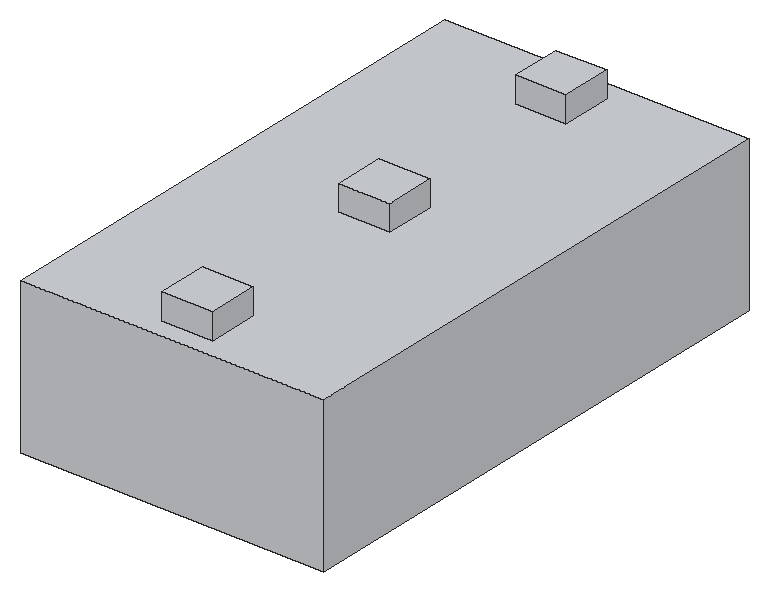
Revit family "M_Filtro de gordura - Circuito curto - Ilha", category Terminais de ar, Revit 2019
Family settings
  Cota do conector redondo = Utilizar diâmetro
  Tipo de parte = Normal
  Número OmniClass = 23.40.40.14.21.11
  Título OmniClass = Food Service Hoods
  ID de item do Seek = Grease Hood - Short Circuit - Island-0000-CAN-ENU
  Com base no plano de trabalho = Não
  Sempre na vertical = Sim
  Corte com vazios quando carregada = Não
  Compartilhado = Não
  Ponto de cálculo do ambiente = Não
Parameters (values of type "Padrão")
  Largura 2 [instance] = Largura do duto de ar de fornecimento 2 / 2 + 75 mm  # 175 mm
  Largura 1 [instance] = Largura do duto de ar de fornecimento 1 / 2 + 75 mm  # 175 mm
  Queda de pressão do fornecimento [instance] = 50.0 Pa
  Fluxo do ar de fornecimento 2 [instance] = 566.0 L/s
  Fluxo do ar de fornecimento 1 [instance] = 566.0 L/s
  Largura do duto de ar de fornecimento 2 [instance] = 200 mm
  Largura do duto de ar de fornecimento 1 [instance] = 200 mm
  Altura do duto de ar de fornecimento 2 [instance] = 200 mm
  Altura do duto de ar de fornecimento 1 [instance] = 200 mm
  Queda de pressão do exaustor [instance] = 100.0 Pa
  Largura da coifa [instance] = 2100 mm
  Material da coifa = none
  Comprimento da coifa [instance] = 1200 mm
  Largura do duto do exaustor [instance] = 200 mm
  Altura do duto do exaustor [instance] = 200 mm
  Fluxo do ar de exaustão [instance] = 1130.0 L/s
Reference planes
  plane 1 "Centro (Frente/Trás)": y = 0
  plane 2: z = 0
  plane 3 "Centro (Esquerda/Direita)": x = 0
  plane 4: x = -600
  plane 5: x = 600
  plane 6: y = 1050
  plane 7: y = -1050
  plane 8: y = 875
  plane 9: y = -875
  plane 10: x = -100
  plane 11: x = 100
  plane 12: x = -100
  plane 13: x = -100
  plane 14: x = 100
  plane 15: x = 100
  plane 16: y = 975
  plane 17: y = 775
  plane 18: y = 100
  plane 19: y = -775
  plane 20: y = -100
  plane 21: y = -975
  plane 22: z = 609.6
  plane 23: z = 711.2
Forms (mm)
  Extrusion 1, solid, material <- "Material da coifa"
    sketch origin (0, 0, 0) x (1, 0, 0) y (0, 1, 0)
      loop
        line (-600, 1050) -> (-600, -1050) -> (600, -1050) -> (600, 1050) -> (-600, 1050)
    from 0 to 609.6
  Extrusion 2, solid, material <- "Material da coifa"
    sketch origin (0, 0, 0) x (1, 0, 0) y (0, 1, 0)
      loop
        line (-100, 975) -> (-100, 775) -> (100, 775) -> (100, 975) -> (-100, 975)
      loop
        line (-100, 100) -> (-100, -100) -> (100, -100) -> (100, 100) -> (-100, 100)
      loop
        line (-100, -775) -> (-100, -975) -> (100, -975) -> (100, -775) -> (-100, -775)
    from 609.6 to 711.2
Dimensions and locks
  equal spacing: plane 4, plane 3 "Centro (Esquerda/Direita)", plane 5
  "Comprimento da coifa": plane 4 to plane 5
  equal spacing: plane 7, plane 1 "Centro (Frente/Trás)", plane 6
  "Largura da coifa": plane 7 to plane 6
  "Largura 1": plane 6 to plane 8
  "Largura 2": plane 7 to plane 9
  equal spacing: plane 10, plane 3 "Centro (Esquerda/Direita)", plane 11
  "Largura do duto de ar de fornecimento 1": plane 10 to plane 11
  equal spacing: plane 12, plane 3 "Centro (Esquerda/Direita)", plane 14
  "Largura do duto do exaustor": plane 12 to plane 14
  equal spacing: plane 13, plane 3 "Centro (Esquerda/Direita)", plane 15
  "Largura do duto de ar de fornecimento 2": plane 13 to plane 15
  equal spacing: plane 17, plane 8, plane 16
  "Altura do duto de ar de fornecimento 1": plane 17 to plane 16
  equal spacing: plane 20, plane 1 "Centro (Frente/Trás)", plane 18
  "Altura do duto do exaustor": plane 20 to plane 18
  equal spacing: plane 21, plane 9, plane 19
  "Altura do duto de ar de fornecimento 2": plane 21 to plane 19
  locked: plane 22 to plane 2 at 609.6
  locked: plane 23 to plane 22 at 101.6
  aligned and locked: plane 4 to Extrusion 1 sketch curve
  aligned and locked: Extrusion 1 sketch curve to plane 6
  aligned and locked: plane 7 to Extrusion 1 sketch curve
  aligned and locked: plane 5 to Extrusion 1 sketch curve
  aligned and locked: Extrusion 1 to plane 2
  aligned and locked: plane 22 to Extrusion 1
  aligned and locked: plane 10 to Extrusion 2 sketch curve
  aligned and locked: Extrusion 2 sketch curve to plane 16
  aligned and locked: plane 17 to Extrusion 2 sketch curve
  aligned and locked: plane 11 to Extrusion 2 sketch curve
  aligned and locked: plane 12 to Extrusion 2 sketch curve
  aligned and locked: Extrusion 2 sketch curve to plane 18
  aligned and locked: plane 20 to Extrusion 2 sketch curve
  aligned and locked: plane 14 to Extrusion 2 sketch curve
  aligned and locked: plane 13 to Extrusion 2 sketch curve
  aligned and locked: Extrusion 2 sketch curve to plane 19
  aligned and locked: plane 21 to Extrusion 2 sketch curve
  aligned and locked: Extrusion 2 sketch curve to plane 15
  aligned and locked: plane 23 to Extrusion 2
  aligned and locked: Extrusion 2 to plane 22
Connectors
  hvac at (0, 875, 711.2), driven by "Altura do duto de ar de fornecimento 1", driven by "Largura do duto de ar de fornecimento 1", driven by "Fluxo do ar de fornecimento 1", driven by "Queda de pressão do fornecimento"
    settings: on Extrusion 2, index 1, duct flow 566.0 L/s, flow factor 0, pres drop 50.0 Pa, loss coef 0, conn angle 0.00°, conn width 200 mm, conn height 200 mm, conn diameter 609.6 mm, duct sys type 1, conn prof type 1, flow config 1, flow direction 1, loss method 4, conn ref index -1, conn util no, is conn primary no, conn desc ""
  hvac at (0, 0, 711.2), driven by "Altura do duto do exaustor", driven by "Largura do duto do exaustor", driven by "Queda de pressão do exaustor", driven by "Fluxo do ar de exaustão"
    settings: on Extrusion 2, index 2, duct flow 1130.0 L/s, flow factor 0, pres drop 100.0 Pa, loss coef 0, conn angle 0.00°, conn width 200 mm, conn height 200 mm, conn diameter 609.6 mm, duct sys type 3, conn prof type 1, flow config 1, flow direction 2, loss method 4, conn ref index -1, conn util no, is conn primary yes, conn desc ""
  hvac at (0, -875, 711.2), driven by "Altura do duto de ar de fornecimento 2", driven by "Largura do duto de ar de fornecimento 2", driven by "Queda de pressão do fornecimento", driven by "Fluxo do ar de fornecimento 2"
    settings: on Extrusion 2, index 3, duct flow 566.0 L/s, flow factor 0, pres drop 50.0 Pa, loss coef 0, conn angle 0.00°, conn width 200 mm, conn height 200 mm, conn diameter 609.6 mm, duct sys type 1, conn prof type 1, flow config 1, flow direction 1, loss method 4, conn ref index -1, conn util no, is conn primary no, conn desc ""
